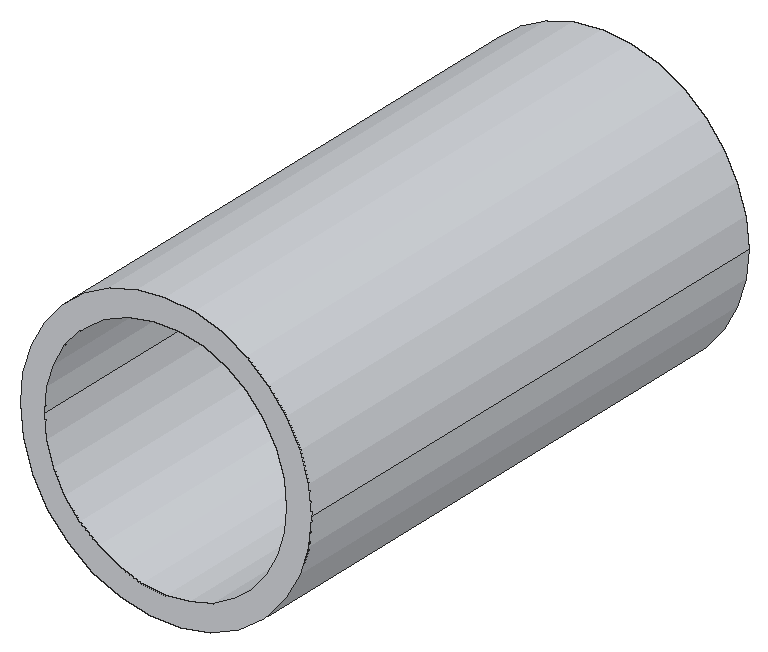
Revit family "PSC20B", category Generic Models, Revit 2017
Family settings
  Can host rebar = No
  Round Connector Dimension = Use Diameter
  Part Type = Normal
  Work Plane-Based = Yes
  Always vertical = No
  Cut with Voids When Loaded = No
  Shared = No
  Room Calculation Point = No
Parameters (values of type "NBS Standard Parameters")
  Weight = "0.0103Kg"
  WarrantyStartDate [instance] = "1900-12-31T23:59:59"
  WarrantyGuarantorParts = "n/a"
  WarrantyGuarantorLabor = "n/a"
  WarrantyDurationUnit = "1 year"
  WarrantyDurationParts = "n/a"
  WarrantyDurationLabor = "n/a"
  WarrantyDescription = "n/a"
  Version = "1"
  Uniclass2 = "Pr_65_70_11_20"
  TagNumber [instance] = "n/a"
  SustainabilityPerformance = "n/a"
  Size = "20mm"
  Shape = "Circular"
  SerialNumber [instance] = "n/a"
  Revision = "n/a"
  ReplacementCost = "n/a"
  ProductInformation = "www.metpro.co.uk/pdf/psc20w.pdf"
  NominalWidth = 24 mm
  NominalLength = 24 mm
  NominalHeight = 45 mm
  Name = ""
  NBSTypeID = ""
  NBSReference = "90-55-10/460"
  NBSOfficeMasterTag = ""
  NBSNote = ""
  NBSDescription = "Conduit Fittings"
  NBSCertification = ""
  ModelReference = "PSC20B"
  ModelNumber = "n/a"
  Material = "PVC"
  ManufacturerURL = "www.metpro.co.uk"
  ManufacturerName = "Metpro Ltd"
  Keynote = "Manufactured to BS4607 part 1"
  InstallationDate [instance] = "1900-12-31T23:59:59"
  IfcExportType = ""
  IfcExportAs = ""
  Grade = "n/a"
  Finish = "Black"
  Features = "n/a"
  ExpectedLife = "n/a"
  DurationUnit = "year"
  Description = "PSC20B  -  20mm Solid Coupler"
  Default Elevation = 1219.2 mm
  Constituents = "n/a"
  Color = "n/a"
  CodePerformance = "n/a"
  Category = "n/a"
  BarCode [instance] = "n/a"
  BIMObjectName = "Metpro_metprolibrary_conduitfittings_PVC component_accessory"
  Author = "Metpro Ltd"
  AssetType = ""
  AssetIdentifier [instance] = "n/a"
  AccessibilityPerformance = "n/a"
Reference planes
  plane 1 "Center (Front/Back)": y = 0
  plane 2: z = 0
  plane 3 "Center (Left/Right)": x = 0
Forms (mm)
  Extrusion 1, solid
    sketch origin (-163.857, -33.109, 0) x (0, 0, -1) y (-1, 0, 0)
      loop
        circle (0.525, 3.327) r 12
      loop
        circle (0.525, 3.327) r 10
    from -22.5 to 22.5
  Extrusion 2, solid
    sketch origin (-163.857, -33.109, 0) x (0, 0, -1) y (-1, 0, 0)
      loop
        circle (0.525, 3.327) r 10.961
      loop
        circle (0.525, 3.327) r 8
    from -1 to 1
Dimensions and locks
  aligned and locked: level to plane 2
